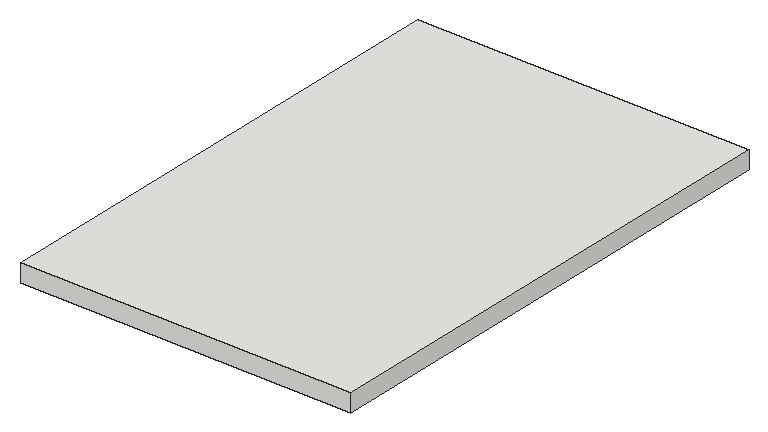
Revit family "SURVIVOR069xxx-DB", category Leuchten, Revit 2024
Family settings
  Basisbauteil = Fläche
  Bemaßung runder Anschluss = Durchmesser verwenden
  Teiletyp = Normal
  OmniClass-Nummer = 23.80.70.11
  OmniClass-Titel = Luminaries for Internal Lighting
  Beim Laden mit Abzugskörper schneiden = Nein
  Lichtquelle = Ja
  Beschriftungsausrichtung beibehalten = Nein
  Gemeinsam genutzt = Nein
  Raumberechnungspunkt = Nein
Parameters (values of type "SURVIVOR069NDWS840S0250-DB")
  width = 240 mm  # constant formula
  weight = "6.2 kg"
  voltage type (AC, DC, UC) = "AC"
  rated input power = 18
  product name = "SURVIVOR069NDWS840S0250-DB"
  nominal voltage = "230"
  nominal frequency = "50-60Hz"
  length = 690 mm  # constant formula
  ingress protection (IP) code = "IP65"
  height = 73 mm  # constant formula
  electrical safety class = "1"
  control gear = ""
  conformity mark = "CE"  # constant formula
  brand = "RIDI"
  approval mark = ""
  built-in parameter 1150104 = 13.8 (stored number, unit not read)
  Wattage = 17.5035 W
  Von Breite des Rechtecks ausssenden = 618 mm
  Von Länge des Rechtecks aussenden = 172 mm  # constant formula
  Default Elevation = 0 mm
  built-in parameter 1150113 = 1 (stored number, unit not read)
  built-in parameter 1114218 = 1 (stored number, unit not read)
  URL = "www.ridi.de"
  built-in parameter 1150134 = 12
  built-in parameter 1150109 = 1 (stored number, unit not read)
  built-in parameter 1150110 = 1 (stored number, unit not read)
  Apparent Load = 17.8 VA
  Tilt Angle = 90.00°
  Modell = "6068001//420"
  built-in parameter 1114217 = 1 (stored number, unit not read)
  built-in parameter 1150139 = (empty or 0)
  built-in parameter 1150105 = 206.9 (stored number, unit not read)
  built-in parameter 1150114 = 1 (stored number, unit not read)
  Lumens = 2600 lm
  built-in parameter 1150115 = 1 (stored number, unit not read)
  built-in parameter 1150112 = 1 (stored number, unit not read)
  Lampe = "LED"
  Hersteller = "RIDI Leuchten GmbH"  # constant formula
  Dimming Lamp Color Temperature Shift = (empty or 0)
  Color Filter = 16777215
  built-in parameter 1150133 = 10 (stored number, unit not read)
  Emit Shape Visible in Rendering = no
  built-in parameter 1150137 = (empty or 0)
  built-in parameter 1150132 = 2
  Datei für fotometrisches Netz = "SURVIVOR_S.IES"
  Copyright = "© RIDI. All rights reserved."  # constant formula
  built-in parameter 1150106 = 2.069 (stored number, unit not read)
  Baugruppenkennzeichen = "D5020200"
  built-in parameter 1150107 = 4000 (stored number, unit not read)
  built-in parameter 1150102 = (empty or 0)
  built-in parameter 1150138 = (empty or 0)
Types (7, lengths in mm): name | product name | Wattage | Modell | built-in parameter 1150105 | Lumens | Datei für fotometrisches Netz | built-in parameter 1150106
  (no name) | "SURVIVOR069NDWS840S0250-DB" | 17.5035 W | "6068001//420" | 206.9 (stored number, unit not read) | 2600 lm | "SURVIVOR_S.IES" | 2.069 (stored number, unit not read)
  SURVIVOR069NDWS840S0250-DB | "SURVIVOR069NDWS840S0250-DB" | 17.5035 W | "6068001//420" | 206.9 (stored number, unit not read) | 2600 lm | "SURVIVOR_S.IES" | 2.069 (stored number, unit not read)
  SURVIVOR069NDWS840AS0250-DB | "SURVIVOR069NDWS840AS0250-DB" | 14.8106 W | "6068002//420" | 175.07 (stored number, unit not read) | 2200 lm | "SURVIVOR_SAS.IES" | 1.7507 (stored number, unit not read)
  SURVIVOR069DAWS840AS0250-US | "SURVIVOR069DAWS840AS0250-US" | 14.474 W | "6068084" | 171.09 (stored number, unit not read) | 2150 lm | "SURVIVOR_SAS.IES" | 1.7109 (stored number, unit not read)
  SURVIVOR069DAWS840MPO0225-US | "SURVIVOR069DAWS840MPO0225-US" | 14.8106 W | "6068085" | 175.07 (stored number, unit not read) | 2200 lm | "SURVIVOR_MPO.IES" | 1.7507 (stored number, unit not read)
  SURVIVOR069DAWS840S0250-US | "SURVIVOR069DAWS840S0250-US" | 17.3015 W | "6068083" | 204.51 (stored number, unit not read) | 2570 lm | "SURVIVOR_S.IES" | 2.0451 (stored number, unit not read)
  SURVIVOR069NDWS840MPO0225-DB | "SURVIVOR069NDWS840MPO0225-DB" | 14.8106 W | "6068055" | 175.07 (stored number, unit not read) | 2200 lm | "SURVIVOR_MPO.IES" | 1.7507 (stored number, unit not read)
Reference planes
  plane 1 "Mitte (Vorne/hinten)": y = 0
  plane 2: z = 0
  plane 3 "Mitte (Links/rechts)": x = 0
Forms (mm)
  Extrusion 1, solid
    sketch origin (219.2, 280.8, 0) x (1, 0, 0) y (0, 1, 0)
      loop
        line (-1219.2, 1219.2) -> (-1219.2, -1780.8) -> (780.8, -1780.8) -> (780.8, 1219.2) -> (-1219.2, 1219.2)
    from 0 to -107.307
Dimensions and locks
  aligned and locked: plane 2 to Extrusion 1
  aligned and locked: level to Extrusion 1
Connectors
  electrical at (53.526, -319.1, 2.275), driven by "Apparent Load"
    settings: on import instance, index 1, voltage 230 V, apparent load 0 VA, apparent load phase1 17.8 VA, apparent load phase2 0 VA, apparent load phase3 0 VA, power factor 1, load classification "Lighting", number of poles 1, system type 31, power factor state 1, is connector primary yes, connector utility no, sub classification motor no, connector description ""
